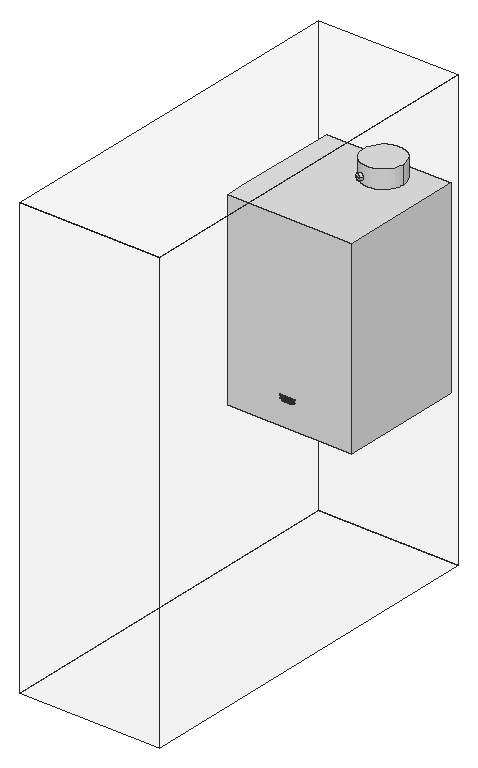
Revit family "Remeha_QuintaPro90_LOD-3", category Mechanical Equipment, Revit 2015
Parameters (values of type "Quinta Pro 90")
  Weekly = "0"
  Water Treatment Required = yes
  Water Content = 9.4 L
  Warranty ID = ""
  Voltage = 230 V
  Uniclass2015 = ""
  URL = "http://www.remeha.co.uk"
  Type Comments = ""
  Type = "Space heating"
  Turndown Ratio = "5.89:1"
  Supply Phase = 1
  Starting Current = 0 A
  Sound Pressure Level = "52 dBA"
  Shipping Weight = 72.00 kg
  Shape = "Rectangular (Vertical)"
  Safety Valve Connection Type = "Unset"
  Safety Valve Connection Size = 0.000 mm
  Responsible Sourcing of Materials = "0"
  Responsible Extraction of Materials = "0"
  Reference Standard = "2009/142EC 92/42EEC"
  Rated Output = 84200 W
  Rated Criteria = "80/60"
  Quarterly = "0"
  Product Range = "Quinta Pro 90"
  Product Model Number = "90554"
  Product Literature = "https://www.remeha.co.uk/en/Products/Wall-Hung-Range/Quinta-Pro"
  Primary Fuel = "Gas - NG"
  Overall Width = 500.000 mm
  Overall Length = 500.000 mm
  Overall Height = 750.000 mm
  Optional Fuel = "Gas - LPG"
  Operation and Maintenance Manual = "https://www.remeha.co.uk/en/Products/Wall-Hung-Range/Quinta-Pro"
  Oil Consumption rate = 0
  Nominal Oil Inlet Pressure = 0.00 bar
  Nominal Gas Inlet Pressure = 0.02 bar
  NOx Emissions = "29 mg/kWh"
  Mounting = "Wall Mounted"
  Monthly = "0"
  Model = "Quinta Pro 90"
  Minimum Power Consumption = 4 W
  Minimum Operating Pressure = 0.80 bar
  Minimum Oil Inlet Pressure = 0.00 bar
  Minimum Gas Inlet Pressure = 0.017 bar
  Minimum Flow Rate at 20C temperature differential = 1.01 L/s
  Minimum Flow Rate at 11C temperature differential = 1.83 L/s
  Maximum Power Consumption = 125 W
  Maximum Operating Pressure = 4.00 bar
  Maximum Oil Inlet Pressure = 0.00 bar
  Maximum Gas Inlet Pressure = 0.025 bar
  Material Ingredient Reporting = "0"
  Manufacturer Website = "http://www.remeha.co.uk/"
  Manufacturer = "Remeha Commercial"  # constant formula
  Maintenance Required 8001 to 12000hrs = "0"
  Maintenance Required 601 to 1000hrs = "0"
  Maintenance Required 4001 to 8000hrs = "0"
  Maintenance Required 301 to 600hrs = "0"
  Maintenance Required 2001 to 4000hrs = "0"
  Maintenance Required 1001 to 2000hrs = "0"
  Maintenance Required 0 to 300hrs = "0"
  Location of Manufacturer = "0"
  Life Cycle Analysis = "0"
  Keynote = "Flue Connection size can vary between 100/150 concentric."
  Interlocks = yes
  IfcExportType = "NOTDEFINED"  # constant formula
  IfcExportAs = "IfcBoilerType"  # constant formula
  IP Rating = "X4D"
  IK Rating = "0"
  Hydraulic Resistance at 20C temperature differential = 0.14 bar
  Hydraulic Resistance at 11C temperature differential = 0.463 bar
  Heater Operation = "Condensing"
  Heat Exchanger Material = "Aluminium"
  Gross Weight = 76.40 kg
  Green Guide for Specification = "0"
  Gas Consumption rate = "9.1 m3/h"
  Fuse Rating = 6.3 A
  Full Load Current = 0 A
  Fuel Connection Type = "Threaded"
  Fuel Connection Size = 20.000 mm
  Frequency = 50 Hz
  Flue or Air Intake Classification = "B23,B23P,B33,C13,C33,C43,C53,C63,C83,C93"
  Flue Connection size = 100.000 mm
  Flow and Return Connection Type = "Threaded"
  Flow and Return Connection Size = 32.000 mm
  Finish = "High Polish Gardner 60 GRAD 91EH"
  Features = "Remeha's Quinta Pro range are compact high efficiency wall hung condensing boilers. Lighter and more efficienct, their small size make them ideally suited to modular arrangments"
  External Material = "Steel"
  Expected Life = "15"
  ErP Seasonal Efficiency = "0 %"
  ErP Rated Efficiency at Part Load = "97.4 %"
  ErP Rated Efficiency at Full Load = "88.2 %"
  ErP Energy Label = "0"
  Environmental Product Declaration = "0"
  Energy Technology List = "https://etl.beis.gov.uk/engetl/fox/live/ETL_PUBLIC_PRODUCT_SEARCH/product?PROD_ID=71700"
  Embodied Carbon = "0"
  Drain Connection Type = "Unset"
  Drain Connection Size = 0.000 mm
  Description = "Condensing Boiler"  # constant formula
  Default Elevation = 0.000 mm  # constant formula
  Daily = "0"
  Control Type = "0 - 10V, Open Therm, Volt free enable, Direct boiler weather compensating control systems available from Remeha as optional extra's."
  Configuration = "Single boiler"
  Condensate Drain Type = "Plain"
  Condensate Drain Size = 32.000 mm
  Colour = "RAL 9016"
  Clearance Box Visibility [instance] = yes
  Classification.Uniclass.Pr.Number [instance] = "Pr_60_60_08_34"
  Classification.Uniclass.Pr.Description [instance] = "Gas fired Condensing Boilers"
  CE Mark = "0063CL3333"
  Burner Control Type = "Modulating"
  Building Regulations Seasonal Efficiency = "95.65 %"
  Bespoke Timeframe = "0"
  BMS Links = yes
  Assembly Code = "D3020100"
  Annually = "As per attached URL O & M Manual"
  Air Inlet Connection Size = 150.000 mm
  Additional Technical Details = "https://www.remeha.co.uk/en/Products/Wall-Hung-Range/Quinta-Pro"
  Access Clearance Top = 400.000 mm
  Access Clearance Right = 30.000 mm
  Access Clearance Rear = 0.000 mm
  Access Clearance Left = 30.000 mm
  Access Clearance Front = 1000.000 mm
  Access Clearance Bottom = 600.000 mm
  6 Monthly = "0"
Reference planes
  plane 1 "Center (Front/Back)": y = 0
  plane 2: z = 0
  plane 3 "Center (Left/Right)": x = 0
  plane 4: x = -250
  plane 5: x = 250
  plane 6: y = 250
  plane 7: y = -250
  plane 8: z = 1364.999
  plane 9: y = -1250
  plane 10: x = -280
  plane 11: x = 280
  plane 12: z = 1764.999
  plane 13: z = 0
  plane 14: z = 608.649
  plane 15: z = 614.999
  plane 16: y = 250
  plane 17: z = 600
Forms (mm)
  Sweep 1, solid, material "Glass - Clear - Amber", visible <- "Clearance Box Visibility"
    path origin (0, 0, 240) x (1, 0, 0) y (0, 0, 1)
      loop
        line (0, 1524.999) -> (0, -240)
    profile origin (0, 0, 882.5) x (0, -1, 0) y (1, 0, 0)
      loop
        line (-250, -280) -> (1250, -280) -> (1250, 280) -> (-250, 280) -> (-250, -280)
  Extrusion 2, solid, material "Paint - Black"
    sketch origin (-381.951, 150, 1780.297) x (-1, 0, 0) y (0, 0, 1)
      loop
        line (-342.331, -1057.834) -> (-403.581, -1057.834) -> (-403.581, -1060.015) -> (-342.331, -1060.015) -> (-342.331, -1057.834)
      loop
        line (-342.331, -1072.197) -> (-342.331, -1070.015) -> (-403.581, -1070.015) -> (-403.581, -1072.197) -> (-342.331, -1072.197)
      loop
        line (-344.649, -1061.552) -> (-352.151, -1061.552) -> (-354.676, -1061.552)
        arc (-354.676, -1061.552) -> (-356.633, -1063.194) -> (-355.355, -1065.407) r 1.987
        arc (-355.355, -1065.407) -> (-356.071, -1065.96) -> (-356.338, -1066.825) r 1.5
        arc (-356.338, -1066.825) -> (-356.395, -1067.893) -> (-356.58, -1068.947) r 8.915
        line (-356.58, -1068.947) -> (-355.124, -1068.947)
        arc (-355.124, -1068.947) -> (-354.873, -1068.071) -> (-354.873, -1067.161) r 3.272
        arc (-354.873, -1067.161) -> (-354.642, -1066.382) -> (-353.903, -1066.045) r 0.979
        line (-353.903, -1066.045) -> (-352.151, -1066.045) -> (-352.151, -1068.947) -> (-344.649, -1068.947) -> (-344.649, -1061.552)
      loop
        line (-352.151, -1062.826) -> (-353.98, -1062.826)
        arc (-353.98, -1062.826) -> (-354.451, -1062.953) -> (-354.797, -1063.298) r 0.944
        arc (-354.797, -1063.298) -> (-354.923, -1063.803) -> (-354.808, -1064.311) r 1.124
        arc (-354.808, -1064.311) -> (-354.586, -1064.695) -> (-354.169, -1064.847) r 0.649
        line (-354.169, -1064.847) -> (-352.151, -1064.847) -> (-352.151, -1062.826)
      loop
        line (-346.008, -1062.826) -> (-350.754, -1062.826) -> (-350.754, -1067.573) -> (-346.008, -1067.573) -> (-346.008, -1062.826)
      loop
        line (-363.888, -1063.475) -> (-363.888, -1064.438)
        arc (-363.888, -1064.438) -> (-364.73, -1063.506) -> (-365.976, -1063.339) r 1.823
        line (-365.976, -1063.339) -> (-365.976, -1064.913)
        arc (-365.976, -1064.913) -> (-365.498, -1064.732) -> (-364.988, -1064.75) r 1.291
        arc (-364.988, -1064.75) -> (-364.275, -1065.207) -> (-363.998, -1066.006) r 1.291
        line (-363.998, -1066.006) -> (-363.998, -1068.947) -> (-362.486, -1068.947) -> (-362.486, -1063.475) -> (-363.888, -1063.475)
      loop
        arc (-367.817, -1066.524) -> (-368.732, -1067.935) -> (-370.252, -1067.213) r 1.276
        line (-370.252, -1067.213) -> (-371.562, -1067.213)
        arc (-371.562, -1067.213) -> (-368.726, -1069.037) -> (-366.394, -1066.602) r 2.651
        arc (-366.394, -1066.602) -> (-368.989, -1063.348) -> (-371.679, -1066.524) r 2.694
        line (-371.679, -1066.524) -> (-367.817, -1066.524)
      loop
        arc (-367.809, -1065.608) -> (-369.029, -1064.388) -> (-370.249, -1065.608) r 1.22
        line (-370.249, -1065.608) -> (-367.809, -1065.608)
      loop
        arc (-374.293, -1064.241) -> (-375.879, -1063.292) -> (-377.494, -1064.191) r 1.848
        arc (-377.494, -1064.191) -> (-379.18, -1063.309) -> (-380.866, -1064.191) r 2.053
        arc (-380.866, -1064.191) -> (-381.087, -1064.726) -> (-381.063, -1065.304) r 1.349
        line (-381.063, -1065.304) -> (-381.063, -1068.84) -> (-379.621, -1068.84) -> (-379.621, -1065.41)
        arc (-379.621, -1065.41) -> (-378.679, -1064.468) -> (-377.737, -1065.41) r 0.942
        line (-377.737, -1065.41) -> (-377.737, -1068.84) -> (-376.274, -1068.84) -> (-376.274, -1065.41)
        arc (-376.274, -1065.41) -> (-375.313, -1064.449) -> (-374.352, -1065.41) r 0.961
        line (-374.352, -1065.41) -> (-374.352, -1068.84) -> (-372.89, -1068.84) -> (-372.89, -1063.452) -> (-374.293, -1063.452) -> (-374.293, -1064.241)
      loop
        arc (-383.791, -1066.524) -> (-384.707, -1067.935) -> (-386.227, -1067.213) r 1.276
        line (-386.227, -1067.213) -> (-387.536, -1067.213)
        arc (-387.536, -1067.213) -> (-384.701, -1069.037) -> (-382.369, -1066.602) r 2.651
        arc (-382.369, -1066.602) -> (-384.963, -1063.348) -> (-387.653, -1066.524) r 2.694
        line (-387.653, -1066.524) -> (-383.791, -1066.524)
      loop
        arc (-383.783, -1065.608) -> (-385.004, -1064.388) -> (-386.224, -1065.608) r 1.22
        line (-386.224, -1065.608) -> (-383.783, -1065.608)
      loop
        line (-390.32, -1061.424) -> (-390.32, -1064.191)
        arc (-390.32, -1064.191) -> (-392.472, -1063.299) -> (-393.89, -1065.147) r 1.913
        line (-393.89, -1065.147) -> (-393.89, -1068.812) -> (-392.364, -1068.812) -> (-392.364, -1065.608)
        arc (-392.364, -1065.608) -> (-391.342, -1064.35) -> (-390.32, -1065.608) r 1.044
        line (-390.32, -1065.608) -> (-390.32, -1068.812) -> (-388.777, -1068.812) -> (-388.777, -1061.424) -> (-390.32, -1061.424)
      loop
        arc (-395.198, -1065.135) -> (-395.629, -1064.048) -> (-396.628, -1063.441) r 1.837
        arc (-396.628, -1063.441) -> (-397.729, -1063.318) -> (-398.83, -1063.441) r 4.994
        arc (-398.83, -1063.441) -> (-399.692, -1063.798) -> (-400.049, -1064.66) r 1.219
        line (-400.049, -1064.66) -> (-400.049, -1067.716)
        arc (-400.049, -1067.716) -> (-400.104, -1068.28) -> (-400.268, -1068.822) r 2.901
        line (-400.268, -1068.822) -> (-398.797, -1068.822)
        arc (-398.797, -1068.822) -> (-398.678, -1068.434) -> (-398.629, -1068.031) r 2.328
        arc (-398.629, -1068.031) -> (-398.182, -1068.683) -> (-397.433, -1068.932) r 1.24
        arc (-397.433, -1068.932) -> (-396.412, -1068.917) -> (-395.463, -1068.538) r 2.817
        arc (-395.463, -1068.538) -> (-395.003, -1067.474) -> (-395.346, -1066.367) r 1.672
        arc (-395.346, -1066.367) -> (-395.966, -1065.869) -> (-396.746, -1065.714) r 1.672
        arc (-396.746, -1065.714) -> (-397.542, -1065.655) -> (-398.303, -1065.412) r 3.395
        arc (-398.303, -1065.412) -> (-398.628, -1064.854) -> (-398.211, -1064.361) r 0.559
        arc (-398.211, -1064.361) -> (-397.737, -1064.306) -> (-397.267, -1064.382) r 1.739
        arc (-397.267, -1064.382) -> (-396.839, -1064.654) -> (-396.678, -1065.135) r 0.76
        line (-396.678, -1065.135) -> (-395.198, -1065.135)
      loop
        arc (-396.531, -1067) -> (-396.984, -1066.531) -> (-397.628, -1066.428) r 1.029
        arc (-397.628, -1066.428) -> (-398.165, -1066.368) -> (-398.593, -1066.038) r 0.999
        line (-398.593, -1066.038) -> (-398.593, -1066.824)
        arc (-398.593, -1066.824) -> (-398.389, -1067.474) -> (-397.851, -1067.892) r 1.14
        arc (-397.851, -1067.892) -> (-397.344, -1067.974) -> (-396.844, -1067.857) r 1.324
        arc (-396.844, -1067.857) -> (-396.539, -1067.483) -> (-396.531, -1067) r 0.737
      loop
        line (-390.34, -1072.933) -> (-392.947, -1072.933)
        arc (-392.947, -1072.933) -> (-393.771, -1073.274) -> (-394.112, -1074.098) r 1.165
        line (-394.112, -1074.098) -> (-394.112, -1075.495)
        arc (-394.112, -1075.495) -> (-393.771, -1076.319) -> (-392.947, -1076.661) r 1.165
        line (-392.947, -1076.661) -> (-390.34, -1076.661)
        arc (-390.34, -1076.661) -> (-389.516, -1076.319) -> (-389.175, -1075.495) r 1.165
        line (-389.175, -1075.495) -> (-389.175, -1074.098)
        arc (-389.175, -1074.098) -> (-389.516, -1073.274) -> (-390.34, -1072.933) r 1.165
      loop
        arc (-392.489, -1073.839) -> (-392.85, -1073.989) -> (-393, -1074.35) r 0.51
        line (-393, -1074.35) -> (-393, -1075.243)
        arc (-393, -1075.243) -> (-392.85, -1075.604) -> (-392.489, -1075.754) r 0.511
        line (-392.489, -1075.754) -> (-390.798, -1075.754)
        arc (-390.798, -1075.754) -> (-390.437, -1075.604) -> (-390.287, -1075.243) r 0.511
        line (-390.287, -1075.243) -> (-390.287, -1074.35)
        arc (-390.287, -1074.35) -> (-390.437, -1073.989) -> (-390.798, -1073.839) r 0.511
        line (-390.798, -1073.839) -> (-392.489, -1073.839)
      loop
        line (-383.933, -1076.693) -> (-383.933, -1072.968) -> (-387.353, -1072.968)
        arc (-387.353, -1072.968) -> (-388.512, -1073.939) -> (-387.758, -1075.249) r 1.177
        arc (-387.758, -1075.249) -> (-388.243, -1075.407) -> (-388.451, -1075.873) r 0.627
        line (-388.451, -1075.873) -> (-388.451, -1076.693) -> (-387.316, -1076.693)
        arc (-387.316, -1076.693) -> (-387.271, -1076.153) -> (-386.939, -1075.726) r 0.953
        line (-386.939, -1075.726) -> (-385.067, -1075.726) -> (-385.067, -1076.693) -> (-383.933, -1076.693)
      loop
        line (-382.278, -1075.757) -> (-380.024, -1075.761) -> (-380.024, -1076.693) -> (-378.889, -1076.693) -> (-378.889, -1072.968) -> (-382.034, -1072.968)
        arc (-382.034, -1072.968) -> (-383.314, -1074.261) -> (-382.278, -1075.757) r 1.424
      loop
        arc (-381.688, -1073.894) -> (-382.159, -1074.318) -> (-381.787, -1074.83) r 0.473
        line (-381.787, -1074.83) -> (-380.024, -1074.83) -> (-380.024, -1073.894) -> (-381.688, -1073.894)
      loop
        arc (-386.898, -1073.863) -> (-387.369, -1074.287) -> (-386.997, -1074.8) r 0.473
        line (-386.997, -1074.8) -> (-385.067, -1074.8) -> (-385.067, -1073.863) -> (-386.898, -1073.863)
      loop
        line (-349.645, -1072.873) -> (-352.462, -1072.873)
        arc (-352.462, -1072.873) -> (-352.896, -1073.053) -> (-353.075, -1073.487) r 0.613
        line (-353.075, -1073.487) -> (-353.075, -1076.693) -> (-353.478, -1077.424) -> (-352.668, -1077.869) -> (-352.113, -1076.859) -> (-349.645, -1076.859)
        arc (-349.645, -1076.859) -> (-349.211, -1076.679) -> (-349.031, -1076.246) r 0.613
        line (-349.031, -1076.246) -> (-349.031, -1073.487)
        arc (-349.031, -1073.487) -> (-349.211, -1073.053) -> (-349.645, -1072.873) r 0.613
      loop
        line (-350.378, -1073.56) -> (-351.709, -1073.56)
        arc (-351.709, -1073.56) -> (-352.143, -1073.74) -> (-352.322, -1074.173) r 0.613
        line (-352.322, -1074.173) -> (-352.322, -1075.505)
        arc (-352.322, -1075.505) -> (-352.143, -1075.939) -> (-351.709, -1076.119) r 0.613
        line (-351.709, -1076.119) -> (-350.378, -1076.119)
        arc (-350.378, -1076.119) -> (-349.944, -1075.939) -> (-349.764, -1075.505) r 0.613
        line (-349.764, -1075.505) -> (-349.764, -1074.173)
        arc (-349.764, -1074.173) -> (-349.944, -1073.74) -> (-350.378, -1073.56) r 0.613
      loop
        line (-354.121, -1076.246) -> (-354.121, -1072.873) -> (-355.068, -1072.873) -> (-355.068, -1075.505)
        arc (-355.068, -1075.505) -> (-355.248, -1075.939) -> (-355.682, -1076.119) r 0.613
        line (-355.682, -1076.119) -> (-356.929, -1076.119)
        arc (-356.929, -1076.119) -> (-357.363, -1075.939) -> (-357.542, -1075.505) r 0.613
        line (-357.542, -1075.505) -> (-357.542, -1072.873) -> (-358.489, -1072.873) -> (-358.489, -1076.246)
        arc (-358.489, -1076.246) -> (-358.31, -1076.679) -> (-357.876, -1076.859) r 0.613
        line (-357.876, -1076.859) -> (-354.734, -1076.859)
        arc (-354.734, -1076.859) -> (-354.301, -1076.679) -> (-354.121, -1076.246) r 0.613
      loop
        line (-361.768, -1072.873) -> (-362.945, -1072.873) -> (-364.297, -1075.773) -> (-364.297, -1072.873) -> (-365.139, -1072.873) -> (-365.139, -1076.91) -> (-363.997, -1076.91) -> (-362.61, -1073.936) -> (-362.61, -1076.91) -> (-361.768, -1076.91) -> (-361.768, -1072.873)
      loop
        line (-368.232, -1073.894) -> (-368.232, -1076.91) -> (-367.31, -1076.91) -> (-367.31, -1073.894) -> (-365.848, -1073.894) -> (-365.848, -1072.873) -> (-369.693, -1072.873) -> (-369.693, -1073.894) -> (-368.232, -1073.894)
      loop
        line (-371.329, -1072.873) -> (-372.637, -1072.873) -> (-374.951, -1076.91) -> (-373.601, -1076.91) -> (-373.086, -1075.939) -> (-370.899, -1075.939) -> (-370.384, -1076.91) -> (-369.143, -1076.91) -> (-371.329, -1072.873)
      loop
        line (-371.983, -1073.869) -> (-372.714, -1075.25) -> (-371.271, -1075.25) -> (-371.983, -1073.869)
      loop
        line (-359.238, -1072.873) -> (-360.706, -1072.873) -> (-360.706, -1076.91) -> (-359.238, -1076.91) -> (-359.238, -1072.873)
    from -397.001 to -396.22
Dimensions and locks
  equal spacing: plane 4, plane 3 "Center (Left/Right)", plane 5
  plane 4 to plane 5 = 500.000 mm
  equal spacing: plane 7, plane 1 "Center (Front/Back)", plane 6
  plane 7 to plane 6 = 500.000 mm
  plane 7 to plane 9 = 1000.000 mm
  plane 10 to plane 4 = 30.000 mm
  plane 5 to plane 11 = 30.000 mm
  plane 12 to plane 8 = 400.000 mm
  locked: plane 15 to plane 14 at 6.35
  plane 8 to plane 15 = 750.000 mm
  plane 16 to plane 6 = 0.000 mm
  locked: plane 15 to plane 17 at 14.999
  plane 17 to level = 600.000 mm
  aligned and locked: level to plane 2
  aligned and locked: plane 3 "Center (Left/Right)" to nested 1
  aligned and locked: plane 1 "Center (Front/Back)" to nested 1
  aligned and locked: Sweep 1 sketch curve to plane 3 "Center (Left/Right)"
  aligned and locked: plane 12 to Sweep 1 sketch curve
  aligned and locked: plane 13 to Sweep 1 sketch curve
  aligned and locked: plane 16 to Sweep 1 sketch curve
  aligned and locked: plane 10 to Sweep 1 sketch curve
  aligned and locked: Sweep 1 sketch curve to plane 11
  aligned and locked: plane 9 to Sweep 1 sketch curve
  aligned and locked: plane 8 to nested 1
Automatic sketch dimensions
  Extrusion 2 sketch curve to Extrusion 2 sketch curve = 0.000 mm  (x32)
  plane 3 "Center (Left/Right)" to Extrusion 2 sketch curve = 21.630 mm
  Extrusion 2 sketch curve to Extrusion 2 sketch curve = 0.631 mm
  Extrusion 2 sketch curve to Extrusion 2 sketch curve = 1.995 mm
  Extrusion 2 sketch curve to Extrusion 2 sketch curve = 0.687 mm  (x2)
  Extrusion 2 sketch curve to Extrusion 2 sketch curve = 0.906 mm
  Extrusion 2 sketch curve to Extrusion 2 sketch curve = 1.219 mm
  Extrusion 2 sketch curve to Extrusion 2 sketch curve = 1.471 mm
  Extrusion 2 sketch curve to Extrusion 2 sketch curve = 1.456 mm  (x2)
  Extrusion 2 sketch curve to Extrusion 2 sketch curve = 0.759 mm
  Extrusion 2 sketch curve to Extrusion 2 sketch curve = 0.280 mm
  Extrusion 2 sketch curve to Extrusion 2 sketch curve = 0.016 mm
  Extrusion 2 sketch curve to Extrusion 2 sketch curve = 1.068 mm
  Extrusion 2 sketch curve to Extrusion 2 sketch curve = 0.268 mm
  Extrusion 2 sketch curve to Extrusion 2 sketch curve = 0.007 mm
  Extrusion 2 sketch curve to Extrusion 2 sketch curve = 0.353 mm
  Extrusion 2 sketch curve to Extrusion 2 sketch curve = 0.024 mm
  Extrusion 2 sketch curve to Extrusion 2 sketch curve = 0.064 mm
  Extrusion 2 sketch curve to Extrusion 2 sketch curve = 0.230 mm  (x2)
  Extrusion 2 sketch curve to Extrusion 2 sketch curve = 0.406 mm
  Extrusion 2 sketch curve to Extrusion 2 sketch curve = 0.425 mm
  Extrusion 2 sketch curve to Extrusion 2 sketch curve = 1.936 mm
  Extrusion 2 sketch curve to Extrusion 2 sketch curve = 0.355 mm
  Extrusion 2 sketch curve to Extrusion 2 sketch curve = 0.558 mm
  Extrusion 2 sketch curve to Extrusion 2 sketch curve = 1.480 mm
  Extrusion 2 sketch curve to Extrusion 2 sketch curve = 3.617 mm
  Extrusion 2 sketch curve to Extrusion 2 sketch curve = 2.783 mm
  Extrusion 2 sketch curve to Extrusion 2 sketch curve = 1.112 mm  (x2)
  Extrusion 2 sketch curve to Extrusion 2 sketch curve = 0.053 mm  (x3)
  Extrusion 2 sketch curve to Extrusion 2 sketch curve = 0.510 mm
  Extrusion 2 sketch curve to Extrusion 2 sketch curve = 0.458 mm  (x3)
  Extrusion 2 sketch curve to Extrusion 2 sketch curve = 1.526 mm
  Extrusion 2 sketch curve to Extrusion 2 sketch curve = 0.388 mm
  Extrusion 2 sketch curve to Extrusion 2 sketch curve = 0.635 mm
  Extrusion 2 sketch curve to Extrusion 2 sketch curve = 1.691 mm
  Extrusion 2 sketch curve to Extrusion 2 sketch curve = 1.657 mm
  Extrusion 2 sketch curve to Extrusion 2 sketch curve = 1.022 mm
  Extrusion 2 sketch curve to Extrusion 2 sketch curve = 1.542 mm
  Extrusion 2 sketch curve to Extrusion 2 sketch curve = 0.724 mm
  Extrusion 2 sketch curve to Extrusion 2 sketch curve = 0.627 mm
  Extrusion 2 sketch curve to Extrusion 2 sketch curve = 1.124 mm
  Extrusion 2 sketch curve to Extrusion 2 sketch curve = 0.117 mm  (x2)
  Extrusion 2 sketch curve to Extrusion 2 sketch curve = 1.821 mm
  Extrusion 2 sketch curve to Extrusion 2 sketch curve = 0.508 mm
  Extrusion 2 sketch curve to Extrusion 2 sketch curve = 0.356 mm
  Extrusion 2 sketch curve to Extrusion 2 sketch curve = 0.885 mm
  Extrusion 2 sketch curve to Extrusion 2 sketch curve = 0.455 mm
  Extrusion 2 sketch curve to Extrusion 2 sketch curve = 0.933 mm
  Extrusion 2 sketch curve to Extrusion 2 sketch curve = 1.310 mm  (x2)
  Extrusion 2 sketch curve to Extrusion 2 sketch curve = 0.002 mm  (x2)
  Extrusion 2 sketch curve to Extrusion 2 sketch curve = 1.831 mm
  Extrusion 2 sketch curve to Extrusion 2 sketch curve = 1.172 mm  (x2)
  Extrusion 2 sketch curve to Extrusion 2 sketch curve = 0.043 mm  (x2)
  Extrusion 2 sketch curve to Extrusion 2 sketch curve = 0.008 mm  (x4)
  Extrusion 2 sketch curve to Extrusion 2 sketch curve = 0.009 mm  (x2)
  Extrusion 2 sketch curve to Extrusion 2 sketch curve = 1.135 mm  (x2)
  plane 3 "Center (Left/Right)" to Extrusion 2 sketch curve = 0.327 mm
  plane 3 "Center (Left/Right)" to Extrusion 2 sketch curve = 0.083 mm
  Extrusion 2 sketch curve to plane 3 "Center (Left/Right)" = 0.055 mm
  Extrusion 2 sketch curve to plane 3 "Center (Left/Right)" = 0.164 mm
  Extrusion 2 sketch curve to plane 3 "Center (Left/Right)" = 0.262 mm
  Extrusion 2 sketch curve to plane 3 "Center (Left/Right)" = 0.888 mm
  Extrusion 2 sketch curve to Extrusion 2 sketch curve = 1.665 mm
  Extrusion 2 sketch curve to Extrusion 2 sketch curve = 1.304 mm
  Extrusion 2 sketch curve to Extrusion 2 sketch curve = 1.442 mm  (x2)
  Extrusion 2 sketch curve to Extrusion 2 sketch curve = 0.441 mm
  Extrusion 2 sketch curve to Extrusion 2 sketch curve = 0.501 mm
  Extrusion 2 sketch curve to Extrusion 2 sketch curve = 1.463 mm
  Extrusion 2 sketch curve to Extrusion 2 sketch curve = 0.366 mm
  Extrusion 2 sketch curve to Extrusion 2 sketch curve = 0.595 mm
  Extrusion 2 sketch curve to Extrusion 2 sketch curve = 3.938 mm
  Extrusion 2 sketch curve to Extrusion 2 sketch curve = 0.059 mm  (x2)
  Extrusion 2 sketch curve to Extrusion 2 sketch curve = 1.350 mm
  Extrusion 2 sketch curve to Extrusion 2 sketch curve = 0.514 mm  (x3)
  Extrusion 2 sketch curve to Extrusion 2 sketch curve = 1.403 mm
  Extrusion 2 sketch curve to Extrusion 2 sketch curve = 0.373 mm  (x2)
  Extrusion 2 sketch curve to Extrusion 2 sketch curve = 0.077 mm
  Extrusion 2 sketch curve to Extrusion 2 sketch curve = 0.654 mm  (x2)
  Extrusion 2 sketch curve to Extrusion 2 sketch curve = 1.211 mm
  Extrusion 2 sketch curve to Extrusion 2 sketch curve = 1.635 mm
  Extrusion 2 sketch curve to Extrusion 2 sketch curve = 1.241 mm
  Extrusion 2 sketch curve to Extrusion 2 sketch curve = 0.911 mm
  Extrusion 2 sketch curve to Extrusion 2 sketch curve = 0.922 mm
  Extrusion 2 sketch curve to Extrusion 2 sketch curve = 1.833 mm
  Extrusion 2 sketch curve to Extrusion 2 sketch curve = 1.462 mm
  Extrusion 2 sketch curve to Extrusion 2 sketch curve = 0.396 mm
  Extrusion 2 sketch curve to Extrusion 2 sketch curve = 0.290 mm
  Extrusion 2 sketch curve to Extrusion 2 sketch curve = 0.036 mm
  Extrusion 2 sketch curve to Extrusion 2 sketch curve = 2.171 mm
  Extrusion 2 sketch curve to Extrusion 2 sketch curve = 0.842 mm
  Extrusion 2 sketch curve to Extrusion 2 sketch curve = 1.291 mm
  Extrusion 2 sketch curve to Extrusion 2 sketch curve = 1.142 mm
  Extrusion 2 sketch curve to Extrusion 2 sketch curve = 2.087 mm
  Extrusion 2 sketch curve to Extrusion 2 sketch curve = 1.352 mm
  Extrusion 2 sketch curve to Extrusion 2 sketch curve = 1.387 mm
  Extrusion 2 sketch curve to Extrusion 2 sketch curve = 1.402 mm
  Extrusion 2 sketch curve to Extrusion 2 sketch curve = 1.177 mm
  Extrusion 2 sketch curve to Extrusion 2 sketch curve = 1.062 mm
  Extrusion 2 sketch curve to Extrusion 2 sketch curve = 1.468 mm
  Extrusion 2 sketch curve to Extrusion 2 sketch curve = 0.749 mm
  Extrusion 2 sketch curve to Extrusion 2 sketch curve = 4.373 mm
  Extrusion 2 sketch curve to Extrusion 2 sketch curve = 0.613 mm  (x8)
  Extrusion 2 sketch curve to Extrusion 2 sketch curve = 0.947 mm  (x3)
  Extrusion 2 sketch curve to Extrusion 2 sketch curve = 1.533 mm
  Extrusion 2 sketch curve to Extrusion 2 sketch curve = 1.247 mm
  Extrusion 2 sketch curve to Extrusion 2 sketch curve = 2.474 mm
  Extrusion 2 sketch curve to Extrusion 2 sketch curve = 0.286 mm
  Extrusion 2 sketch curve to Extrusion 2 sketch curve = 0.162 mm
  Extrusion 2 sketch curve to Extrusion 2 sketch curve = 0.506 mm  (x3)
  Extrusion 2 sketch curve to Extrusion 2 sketch curve = 0.190 mm
  Extrusion 2 sketch curve to Extrusion 2 sketch curve = 0.935 mm
  Extrusion 2 sketch curve to Extrusion 2 sketch curve = 0.180 mm
  Extrusion 2 sketch curve to Extrusion 2 sketch curve = 0.643 mm
  Extrusion 2 sketch curve to Extrusion 2 sketch curve = 0.402 mm
  Extrusion 2 sketch curve to Extrusion 2 sketch curve = 0.809 mm
  Extrusion 2 sketch curve to Extrusion 2 sketch curve = 0.753 mm
  Extrusion 2 sketch curve to Extrusion 2 sketch curve = 1.752 mm
  Extrusion 2 sketch curve to Extrusion 2 sketch curve = 1.829 mm
  Extrusion 2 sketch curve to Extrusion 2 sketch curve = 0.962 mm
  Extrusion 2 sketch curve to Extrusion 2 sketch curve = 1.397 mm
  Extrusion 2 sketch curve to Extrusion 2 sketch curve = 1.331 mm  (x3)
  Extrusion 2 sketch curve to Extrusion 2 sketch curve = 0.733 mm
  Extrusion 2 sketch curve to Extrusion 2 sketch curve = 0.119 mm
  Extrusion 2 sketch curve to Extrusion 2 sketch curve = 4.746 mm
  Extrusion 2 sketch curve to Extrusion 2 sketch curve = 1.360 mm
  Extrusion 2 sketch curve to Extrusion 2 sketch curve = 2.318 mm  (x2)
  plane 14 to Extrusion 2 sketch curve = 93.779 mm
  Extrusion 2 sketch curve to Extrusion 2 sketch curve = 0.445 mm  (x2)
  Extrusion 2 sketch curve to Extrusion 2 sketch curve = 0.051 mm
  Extrusion 2 sketch curve to Extrusion 2 sketch curve = 0.218 mm  (x2)
  Extrusion 2 sketch curve to Extrusion 2 sketch curve = 0.032 mm
  Extrusion 2 sketch curve to Extrusion 2 sketch curve = 0.193 mm
  Extrusion 2 sketch curve to Extrusion 2 sketch curve = 0.740 mm
  Extrusion 2 sketch curve to Extrusion 2 sketch curve = 0.127 mm
  Extrusion 2 sketch curve to Extrusion 2 sketch curve = 0.972 mm
  Extrusion 2 sketch curve to Extrusion 2 sketch curve = 0.147 mm
  Extrusion 2 sketch curve to Extrusion 2 sketch curve = 1.138 mm
  Extrusion 2 sketch curve to Extrusion 2 sketch curve = 0.932 mm
  Extrusion 2 sketch curve to Extrusion 2 sketch curve = 0.936 mm
  Extrusion 2 sketch curve to Extrusion 2 sketch curve = 0.259 mm
  Extrusion 2 sketch curve to Extrusion 2 sketch curve = 0.689 mm
  Extrusion 2 sketch curve to Extrusion 2 sketch curve = 0.931 mm
  Extrusion 2 sketch curve to Extrusion 2 sketch curve = 0.926 mm
  Extrusion 2 sketch curve to Extrusion 2 sketch curve = 0.018 mm
  Extrusion 2 sketch curve to Extrusion 2 sketch curve = 0.893 mm
  Extrusion 2 sketch curve to Extrusion 2 sketch curve = 0.463 mm
  Extrusion 2 sketch curve to Extrusion 2 sketch curve = 1.332 mm
  Extrusion 2 sketch curve to Extrusion 2 sketch curve = 0.192 mm
  Extrusion 2 sketch curve to Extrusion 2 sketch curve = 0.252 mm
  Extrusion 2 sketch curve to Extrusion 2 sketch curve = 1.837 mm
  Extrusion 2 sketch curve to Extrusion 2 sketch curve = 1.879 mm
  Extrusion 2 sketch curve to Extrusion 2 sketch curve = 1.381 mm
  Extrusion 2 sketch curve to Extrusion 2 sketch curve = 0.895 mm
  Extrusion 2 sketch curve to Extrusion 2 sketch curve = 0.996 mm
  Extrusion 2 sketch curve to Extrusion 2 sketch curve = 2.632 mm
  Extrusion 2 sketch curve to Extrusion 2 sketch curve = 1.021 mm
  Extrusion 2 sketch curve to Extrusion 2 sketch curve = 1.901 mm
  Extrusion 2 sketch curve to Extrusion 2 sketch curve = 2.181 mm  (x2)
  Extrusion 2 sketch curve to Extrusion 2 sketch curve = 3.927 mm  (x2)
  Extrusion 2 sketch curve to Extrusion 2 sketch curve = 4.128 mm
  Extrusion 2 sketch curve to Extrusion 2 sketch curve = 1.194 mm
  Extrusion 2 sketch curve to Extrusion 2 sketch curve = 4.156 mm
  Extrusion 2 sketch curve to Extrusion 2 sketch curve = 0.509 mm
  Extrusion 2 sketch curve to Extrusion 2 sketch curve = 0.234 mm
  Extrusion 2 sketch curve to Extrusion 2 sketch curve = 0.620 mm  (x2)
  Extrusion 2 sketch curve to Extrusion 2 sketch curve = 1.374 mm
  Extrusion 2 sketch curve to Extrusion 2 sketch curve = 0.249 mm
  Extrusion 2 sketch curve to Extrusion 2 sketch curve = 0.213 mm
  Extrusion 2 sketch curve to Extrusion 2 sketch curve = 1.599 mm
  Extrusion 2 sketch curve to Extrusion 2 sketch curve = 1.627 mm
  Extrusion 2 sketch curve to Extrusion 2 sketch curve = 1.922 mm
  Extrusion 2 sketch curve to Extrusion 2 sketch curve = 2.062 mm
  Extrusion 2 sketch curve to Extrusion 2 sketch curve = 0.346 mm
  Extrusion 2 sketch curve to Extrusion 2 sketch curve = 0.173 mm
  Extrusion 2 sketch curve to Extrusion 2 sketch curve = 0.303 mm  (x2)
  Extrusion 2 sketch curve to Extrusion 2 sketch curve = 0.496 mm
  Extrusion 2 sketch curve to Extrusion 2 sketch curve = 0.979 mm
  Extrusion 2 sketch curve to Extrusion 2 sketch curve = 0.606 mm
  Extrusion 2 sketch curve to Extrusion 2 sketch curve = 0.363 mm  (x2)
  Extrusion 2 sketch curve to Extrusion 2 sketch curve = 0.786 mm
  Extrusion 2 sketch curve to Extrusion 2 sketch curve = 0.879 mm
  Extrusion 2 sketch curve to Extrusion 2 sketch curve = 3.204 mm
  Extrusion 2 sketch curve to Extrusion 2 sketch curve = 0.434 mm  (x2)
  Extrusion 2 sketch curve to Extrusion 2 sketch curve = 0.603 mm
  Extrusion 2 sketch curve to Extrusion 2 sketch curve = 1.192 mm
  Extrusion 2 sketch curve to Extrusion 2 sketch curve = 0.214 mm
  Extrusion 2 sketch curve to Extrusion 2 sketch curve = 0.048 mm
  Extrusion 2 sketch curve to Extrusion 2 sketch curve = 0.106 mm
  Extrusion 2 sketch curve to Extrusion 2 sketch curve = 0.209 mm
  Extrusion 2 sketch curve to Extrusion 2 sketch curve = 0.461 mm
  Extrusion 2 sketch curve to Extrusion 2 sketch curve = 0.269 mm
  Extrusion 2 sketch curve to Extrusion 2 sketch curve = 0.012 mm
  Extrusion 2 sketch curve to Extrusion 2 sketch curve = 0.110 mm
  Extrusion 2 sketch curve to Extrusion 2 sketch curve = 0.206 mm
  Extrusion 2 sketch curve to Extrusion 2 sketch curve = 0.450 mm
  Extrusion 2 sketch curve to Extrusion 2 sketch curve = 0.539 mm
  Extrusion 2 sketch curve to Extrusion 2 sketch curve = 1.198 mm
  Extrusion 2 sketch curve to Extrusion 2 sketch curve = 0.242 mm
  Extrusion 2 sketch curve to Extrusion 2 sketch curve = 1.568 mm
  Extrusion 2 sketch curve to Extrusion 2 sketch curve = 1.169 mm
  Extrusion 2 sketch curve to Extrusion 2 sketch curve = 0.649 mm
  Extrusion 2 sketch curve to Extrusion 2 sketch curve = 0.382 mm
  Extrusion 2 sketch curve to Extrusion 2 sketch curve = 0.046 mm
  Extrusion 2 sketch curve to Extrusion 2 sketch curve = 0.963 mm
  Extrusion 2 sketch curve to Extrusion 2 sketch curve = 0.788 mm
  Extrusion 2 sketch curve to Extrusion 2 sketch curve = 4.747 mm
  Extrusion 2 sketch curve to Extrusion 2 sketch curve = 1.119 mm
  Extrusion 2 sketch curve to Extrusion 2 sketch curve = 1.274 mm
  Extrusion 2 sketch curve to Extrusion 2 sketch curve = 2.767 mm
  Extrusion 2 sketch curve to Extrusion 2 sketch curve = 4.645 mm
  Extrusion 2 sketch curve to Extrusion 2 sketch curve = 0.778 mm
  Extrusion 2 sketch curve to Extrusion 2 sketch curve = 0.512 mm
  Extrusion 2 sketch curve to Extrusion 2 sketch curve = 0.296 mm
  Extrusion 2 sketch curve to Extrusion 2 sketch curve = 0.171 mm
  Extrusion 2 sketch curve to Extrusion 2 sketch curve = 0.148 mm
  Extrusion 2 sketch curve to Extrusion 2 sketch curve = 0.591 mm
  Extrusion 2 sketch curve to Extrusion 2 sketch curve = 0.639 mm
Nested families
  nested 1: "Quinta-Pro_30-115" at (0, 0, 600), type "Quinta-Pro_30-115"
Connectors
  piping at (24.28, 64.688, 1391.274), diameter 21.83
    settings: on nested 1, index 2, connector inside diameter 21.830 mm, connector length 0.000 mm, flow factor 0, pipe flow 0 L/s, pressure drop 0.00 Pa, fitting loss kfactor 0, connector angle 0.00°, fixture units 0, engagement length 0.000 mm, angle of deflection 0.00°, flow configuration 0, flow direction 2, fitting loss method 0, system type 22, joint type 0, gender type 0, connector reference index -1, connector utility 0, adjustable connector no, is connector primary yes, connector description "Outlet For Measuring Combustion Gases"
  electrical at (250, 16.737, 986.03)
    settings: on nested 1, index 3, voltage 230 V, apparent load 0 VA, apparent load phase1 0 VA, apparent load phase2 0 VA, apparent load phase3 0 VA, power factor 1, load classification "Power", number of poles 1, system type 30, power factor state 1, is connector primary yes, connector utility yes, sub classification motor yes, connector description "Power"
  piping at (-115, 200, 605.931), diameter 31.75
    settings: on nested 1, index 4, connector inside diameter 31.750 mm, connector length 0.000 mm, flow factor 0, pipe flow 0 L/s, pressure drop 0.00 Pa, fitting loss kfactor 0, connector angle 0.00°, fixture units 0, engagement length 0.000 mm, angle of deflection 0.00°, flow configuration 0, flow direction 2, fitting loss method 0, system type 19, joint type 0, gender type 0, connector reference index -1, connector utility 1, adjustable connector no, is connector primary no, connector description "Heating Circuit Return"
  piping at (59, 200, 605.931), diameter 19
    settings: on nested 1, index 5, connector inside diameter 19.000 mm, connector length 0.000 mm, flow factor 0, pipe flow 0 L/s, pressure drop 0.00 Pa, fitting loss kfactor 0, connector angle 0.00°, fixture units 0, engagement length 0.000 mm, angle of deflection 0.00°, flow configuration 0, flow direction 2, fitting loss method 0, system type 16, joint type 0, gender type 0, connector reference index -1, connector utility 1, adjustable connector no, is connector primary no, connector description "Siphon Connection Bush"
  piping at (120, 200, 605.931), diameter 31.75
    settings: on nested 1, index 6, connector inside diameter 31.750 mm, connector length 0.000 mm, flow factor 0, pipe flow 0 L/s, pressure drop 0.00 Pa, fitting loss kfactor 0, connector angle 0.00°, fixture units 0, engagement length 0.000 mm, angle of deflection 0.00°, flow configuration 0, flow direction 1, fitting loss method 0, system type 7, joint type 0, gender type 0, connector reference index -1, connector utility 1, adjustable connector no, is connector primary no, connector description "Heating Circuit Flow"
  piping at (200, 200, 605.931), diameter 19
    settings: on nested 1, index 7, connector inside diameter 19.000 mm, connector length 0.000 mm, flow factor 0, pipe flow 0 L/s, pressure drop 0.00 Pa, fitting loss kfactor 0, connector angle 0.00°, fixture units 0, engagement length 0.000 mm, angle of deflection 0.00°, flow configuration 0, flow direction 1, fitting loss method 0, system type 22, joint type 0, gender type 0, connector reference index -1, connector utility 1, adjustable connector no, is connector primary no, connector description "Gas Connection"
  hvac at (59, 150, 1437.229)
    settings: on nested 1, index 8, duct flow 0 m³/h, flow factor 0, pres drop 0.00 bar, loss coef 0, conn angle 0.00°, conn width 12", conn height 12", conn diameter 6.29921", duct sys type 1, conn prof type 0, flow config 0, flow direction 1, loss method 0, conn ref index -1, conn util yes, is conn primary yes, conn desc "Air Intake Connection"
Definition of nested family "Quinta-Pro_30-115"
  Parameters
    Voltage = 230000 V  # constant formula
    URL = "http://www.remeha.co.uk"
    Type Comments = ""
    Text Material = none
    Siphon Connection Bush Offset = 191.000 mm  # constant formula
    Power Factor = 1
    Number of Poles = 1
    Model = "Quinta Pro"  # constant formula
    Manufacturer = ""
    Logo = none
    Load Sub-Classification Motor = yes
    Load Classification = none
    Keynote = ""
    Heating Circuit Return Offset = 365.000 mm  # constant formula
    Heating Circuit Return Connection Size = 31.750 mm  # constant formula
    Heating Circuit Return Connection Radius = Heating Circuit Return Connection Size / 2  # 15.875 mm
    Heating Circuit Flow Connection Size = 31.750 mm  # constant formula
    Heating Circuit Flow Offset = 130.000 mm  # constant formula
    Heating Circuit Flow Connection Radius = Heating Circuit Flow Connection Size / 2  # 15.875 mm
    Gas Connection Size = 19.050 mm  # constant formula
    Gas Connection Radius = Gas Connection Size / 2  # 9.525 mm
    Gas Connection Offset = 50.000 mm  # constant formula
    Description = "Wall-Hung Gas Condensing Boilers"  # constant formula
    Default Elevation = 1219.200 mm
    Cost = 0
    Combustion Gas Exhaust Pipe Size = 80.000 mm  # constant formula
    Combustion Gas Exhaust Pipe Radius = Combustion Gas Exhaust Pipe Size / 2  # 40.000 mm
    Casing = none
    Flue Gas Outlet Offset = 191.000 mm  # constant formula
    Instrument Box Panel = none
    Bolier Height = 750.000 mm  # constant formula
    Boiler Width = 500.000 mm  # constant formula
    Boiler Depth = 500.000 mm  # constant formula
    Assembly Code = ""
    Apparent Load = 0 VA
  Reference planes
    plane 1 "Center (Front/Back)": y = 0
    plane 2: z = 0
    plane 3 "Center (Left/Right)": x = 0
    plane 4 "Left": x = -250
    plane 5 "Right": x = 250
    plane 6 "Back": y = 250
    plane 7 "Front": y = -250
    plane 8: z = 764.999
    plane 9: z = 389.999
    plane 10: x = 59
    plane 11: y = -182.5
    plane 12: y = 244.5
    plane 13: z = 8.649
    plane 14: y = 150
    plane 15: z = 777.088
    plane 16: z = 758.649
    plane 17: z = 14.999
    plane 18: y = -148.4
    plane 19: x = -199.2
    plane 20: x = 199.2
    plane 21 "Gas Connection": x = 200
    plane 22 "Heating Circuit Flow": x = 120
    plane 23 "Siphon Connection Bush": x = 59
    plane 24 "Heating Circuit Return": x = -115
    plane 25 "Connection Center": y = 200
  Forms (mm)
    Extrusion 1, solid, material <- "Casing"
      sketch origin (0, 0, 0) x (1, 0, 0) y (0, 1, 0)
        loop
          line (250, 250) -> (-250, 250) -> (-250, -246.921) -> (250, -246.921) -> (250, 250)
      from 8.649 to 764.999
    Revolve 2, solid, material <- "Casing"
      sketch origin (-1.562, 19.372, 801.736) x (1, 0, 0) y (0, 0.97437, -0.224951)
        loop
          line (24.353, 69.142) -> (15.95, 51.122) -> (25.843, 46.509) -> (34.246, 64.53) -> (24.353, 69.142)
        axis (25.843, 46.509) -> (34.246, 64.53)
      angle from 0 to 360
    Extrusion 3, solid, material <- "Casing"
      sketch origin (0, 49.595, 777.088) x (0, -1, 0) y (1, 0, 0)
        loop
          line (-200.405, -250) -> (232.095, -250) -> (232.095, 250) -> (-200.405, 250) -> (-200.405, -250)
        loop
          circle (-100.405, 59) r 59
      from -12.088 to -18.438
    Extrusion 4, solid, material <- "Casing"
      sketch origin (0, 49.595, 777.088) x (0, -1, 0) y (1, 0, 0)
        loop
          line (232.095, 250) -> (-193.142, 250)
          arc (-193.142, 250) -> (-194.388, 249.484) -> (-194.905, 248.238) r 1.762
          line (-194.905, 248.238) -> (-194.905, 220) -> (-200.405, 220) -> (-200.405, -220) -> (-194.905, -220) -> (-194.905, -248.238)
          arc (-194.905, -248.238) -> (-194.388, -249.484) -> (-193.143, -250) r 1.762
          line (-193.143, -250) -> (232.095, -250) -> (232.095, 250)
      from -768.438 to -762.088
    Extrusion 5, solid, material <- "Casing"
      sketch origin (0, -175, 8.649) x (0, 1, 0) y (-1, 0, 0)
        loop
          circle (375, -200) r 9.525
        loop
          circle (375, -120) r 15.875
        loop
          circle (375, -59) r 9.5
        loop
          circle (375, 115) r 15.875
      from 0 to -2.718
    Extrusion 6, solid, material <- "Casing"
      sketch origin (59, 150, 837.229) x (-1, 0, 0) y (0, -1, 0)
        loop
          circle (0, 0) r 80
      from -72.23 to 0
  Cuts and joins
    joined: Extrusion 1, Extrusion 3, Extrusion 4
    joined: Revolve 2, Extrusion 6
  Dimensions and locks
    equal spacing: plane 4 "Left", plane 3 "Center (Left/Right)", plane 5 "Right"
    "Boiler Width": plane 4 "Left" to plane 5 "Right"
    equal spacing: plane 6 "Back", plane 1 "Center (Front/Back)", plane 7 "Front"
    "Boiler Depth": plane 6 "Back" to plane 7 "Front"
    "Flue Gas Outlet Offset": plane 10 to plane 5 "Right"
    plane 8 to plane 2 = 764.999 mm
    locked: plane 11 to plane 7 "Front" at 67.5
    locked: plane 6 "Back" to plane 12 at 5.5
    locked: plane 13 to level at 8.649
    locked: plane 6 "Back" to plane 14 at 100
    locked: plane 8 to plane 16 at 6.35
    equal spacing: plane 8, plane 9, plane 17
    "Bolier Height": plane 8 to plane 17
    plane 17 to level = 14.999 mm
    locked: plane 18 to plane 7 "Front" at 101.6
    locked: plane 4 "Left" to plane 19 at 50.8
    locked: plane 20 to plane 5 "Right" at 50.8
    "Gas Connection Offset": plane 5 "Right" to plane 21 "Gas Connection"
    "Heating Circuit Flow Offset": plane 5 "Right" to plane 22 "Heating Circuit Flow"
    "Siphon Connection Bush Offset": plane 5 "Right" to plane 23 "Siphon Connection Bush"
    "Heating Circuit Return Offset": plane 5 "Right" to plane 24 "Heating Circuit Return"
    locked: plane 6 "Back" to plane 25 "Connection Center" at 50
    "Gas Connection Radius": radius of Extrusion 5 sketch curve
    "Heating Circuit Flow Connection Radius": radius of Extrusion 5 sketch curve
    radius of Extrusion 5 sketch curve = 9.500 mm
    "Heating Circuit Return Connection Radius": radius of Extrusion 5 sketch curve
    aligned and locked: plane 2 to level
    aligned and locked: Extrusion 1 sketch curve to plane 5 "Right"
    aligned and locked: Extrusion 1 sketch curve to plane 4 "Left"
    aligned and locked: plane 8 to Extrusion 1
    aligned and locked: Extrusion 1 sketch curve to plane 6 "Back"
    aligned and locked: Revolve 2 sketch curve to Revolve 2 sketch curve
    aligned and locked: Extrusion 3 to plane 8
    aligned and locked: Extrusion 3 to plane 16
    aligned and locked: Extrusion 4 sketch curve to Extrusion 3  (x2)
    aligned and locked: Extrusion 3 to Extrusion 4 sketch curve
    aligned and locked: plane 17 to Extrusion 4
    aligned and locked: plane 25 "Connection Center" to Extrusion 5 sketch curve  (x4)
    aligned and locked: plane 21 "Gas Connection" to Extrusion 5 sketch curve
    aligned and locked: plane 22 "Heating Circuit Flow" to Extrusion 5 sketch curve
    aligned and locked: plane 23 "Siphon Connection Bush" to Extrusion 5 sketch curve
    aligned and locked: plane 24 "Heating Circuit Return" to Extrusion 5 sketch curve
  Automatic sketch dimensions
    Extrusion 1 sketch curve to plane 11 = 64.421 mm
    plane 3 "Center (Left/Right)" to Revolve 2 sketch curve = 14.388 mm
    Extrusion 3 sketch curve to plane 4 "Left" = 0.000 mm
    Extrusion 3 sketch curve to plane 10 = 0.000 mm
    Extrusion 3 sketch curve to plane 14 = 0.000 mm
    Extrusion 3 sketch curve to plane 18 = 34.100 mm
    Revolve 2 sketch curve to Revolve 2 sketch curve = 0.000 mm
    Revolve 2 sketch curve to Revolve 2 sketch curve = 9.892 mm
    plane 3 "Center (Left/Right)" to Revolve 2 sketch curve = 22.791 mm
    Revolve 2 sketch curve to Revolve 2 sketch curve = 4.613 mm
    Revolve 2 sketch curve to Revolve 2 sketch curve = 5.558 mm
    Revolve 2 sketch curve to Revolve 2 sketch curve = 11.919 mm
    Extrusion 3 sketch curve to plane 6 "Back" = 0.000 mm
    Extrusion 3 sketch curve to plane 5 "Right" = 0.000 mm
    Extrusion 4 sketch curve to plane 4 "Left" = 0.000 mm
    Extrusion 4 sketch curve to plane 5 "Right" = 1.762 mm
    Extrusion 4 sketch curve to plane 6 "Back" = 5.500 mm
    Extrusion 4 sketch curve to Extrusion 4 sketch curve = 5.500 mm
    Extrusion 4 sketch curve to Extrusion 4 sketch curve = 1.762 mm
    Extrusion 4 sketch curve to plane 19 = 20.800 mm
    plane 21 "Gas Connection" to Extrusion 4 sketch curve = 20.000 mm
    Extrusion 6 sketch curve to plane 10 = 0.000 mm
    Extrusion 6 sketch curve to plane 14 = 0.000 mm
    radius of Extrusion 3 sketch curve = 59.000 mm
    radius of Extrusion 6 sketch curve = 80.000 mm
